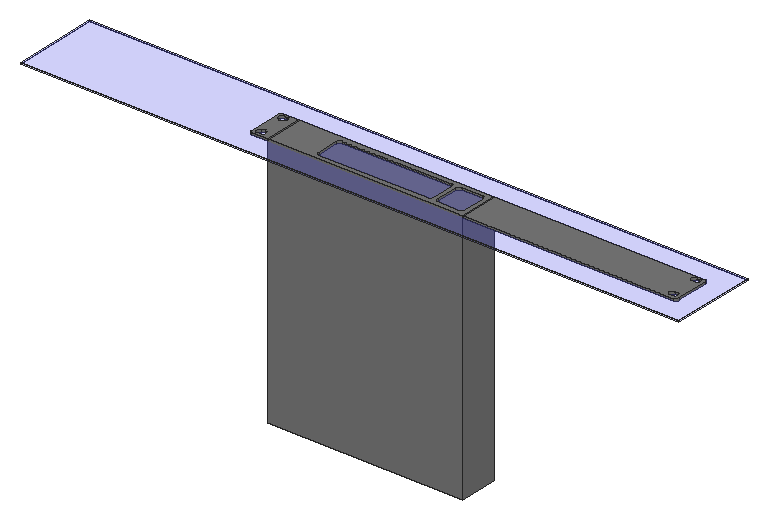
Revit family "QSC Core Nano_ Front Facing Rackmount", category Generic Models, host Face, Revit 2017
Family settings
  Host = Face
  Can host rebar = No
  Round Connector Dimension = Use Diameter
  Part Type = Normal
  Cut with Voids When Loaded = No
  Shared = No
  Room Calculation Point = No
Parameters (values of type "Core Nano")
  Width = 8.660"  # constant formula
  Weight Product (lb) = 4  # constant formula
  Weight Product (kg) = 1.81  # constant formula
  URL = ""
  Show Right Ear Short [instance] = no
  Show Right Ear Long [instance] = yes
  Show Left Ear Short [instance] = yes
  Show Left Ear Long [instance] = no
  Regulatory Compliance = "FCC Part 68 / TIA-968-B; ES203 021, CE, RoHS; PTC200; NOM-151-SCTI; JATE; UL & C-UL Listed; AC; PSTN01; Industry Canada CS-03; AS/ACIF S002 & RCM; ANATEL Resolution 473"  # constant formula
  Product Page URL = "https://www.qsc.com/systems/products/q-sys-ecosystem/products-peripherals-accessories/q-sys-cores/core-nano/?L="
  Product Documentation Link = "https://www.qsc.com/systems/products/q-sys-ecosystem/products-peripherals-accessories/q-sys-cores/core-nano/?L=#c221095"
  Power Active = 40
  Model = "Core Nano"  # constant formula
  Manufacturer URL = "http://www.qsc.com"
  Manufacturer = "QSC"  # constant formula
  Height = 1.720"  # constant formula
  Heat Load Active = 110
  Face Depth = 0.0788"
  Description = "Q-SYS Network I/O Processor"  # constant formula
  Depth = 11.280"  # constant formula
  Default Elevation = 0.000"
  Enclosure Material [instance] = Dark Gray Finish
Reference planes (in)
  plane 1 "Center (Front/Back)": y = 0
  plane 2: z = 0
  plane 3 "Center (Left/Right)": x = 0
  plane 4 "Left": x = -4.33
  plane 5 "Right": x = 4.33
  plane 6 "Top": y = 0.86
  plane 7 "Bottom": y = -0.86
  plane 8 "Back": z = -11.2012
  plane 9 "Right Extend Ear": x = 13.812
  plane 10 "Left Extend Ear": x = -13.812
  plane 11 "Left Short Ear": x = -5.1514
  plane 12 "Right Short Ear": x = 5.1514
  plane 13 "Front": z = 0.0788
Forms (in)
  Extrusion 1, solid, material "Glass"
    sketch origin (0, 0, 0) x (1, 0, 0) y (0, 1, 0)
      loop
        line (-14.5, 1.9685) -> (-14.5, -1.88975) -> (14.73031, -1.88975) -> (14.73031, 1.9685) -> (-14.5, 1.9685)
    from 0 to -0.079
  Extrusion 2, solid, material "Dark Gray Finish" <- "Enclosure Material"
    sketch origin (0, -0.86, 0) x (-1, 0, 0) y (0, 0, 1)
      loop
        line (4.33, 0.0788) -> (-4.33, 0.0788) -> (-4.33, -11.2012) -> (4.33, -11.2012) -> (4.33, 0.0788)
    from 0 to 1.72 <- "Height"
  Extrusion 3, void
    sketch origin (0, 0, -11.2012) x (-1, 0, 0) y (0, -1, 0)
      loop
        line (2.83394, -0.39444) -> (3.58289, -0.39444)
        arc (3.58289, -0.39444) -> (3.66576, -0.36012) -> (3.70008, -0.27725) r 0.11719
        line (3.70008, -0.27725) -> (3.70008, 0.04564)
        arc (3.70008, 0.04564) -> (3.69413, 0.07554) -> (3.6772, 0.10088) r 0.07813
        line (3.6772, 0.10088) -> (3.52611, 0.25197)
        arc (3.52611, 0.25197) -> (3.50077, 0.26891) -> (3.47087, 0.27485) r 0.07813
        line (3.47087, 0.27485) -> (2.94504, 0.27485)
        arc (2.94504, 0.27485) -> (2.91514, 0.26891) -> (2.88979, 0.25197) r 0.07813
        line (2.88979, 0.25197) -> (2.73871, 0.10088)
        arc (2.73871, 0.10088) -> (2.72177, 0.07554) -> (2.71583, 0.04564) r 0.07813
        line (2.71583, 0.04564) -> (2.71583, -0.27633)
        arc (2.71583, -0.27633) -> (2.75042, -0.35985) -> (2.83394, -0.39444) r 0.11811
      loop
        line (-0.46652, 0.30212) -> (0.01872, 0.30212) -> (0.01872, 0.6152) -> (-0.46652, 0.6152) -> (-0.46652, 0.30212)
      loop
        line (-0.46652, -0.04788) -> (0.01872, -0.04788) -> (0.01872, 0.2652) -> (-0.46652, 0.2652) -> (-0.46652, -0.04788)
      loop
        line (0.13348, 0.39587) -> (0.52497, 0.39587) -> (0.52497, 0.6152) -> (0.13348, 0.6152) -> (0.13348, 0.39587)
      loop
        line (0.63973, 0.20837) -> (1.03122, 0.20837) -> (1.03122, 0.6152) -> (0.63973, 0.6152) -> (0.63973, 0.20837)
      loop
        line (1.14598, 0.39587) -> (1.63122, 0.39587) -> (1.63122, 0.6152) -> (1.14598, 0.6152) -> (1.14598, 0.39587)
      loop
        line (1.74598, 0.39587) -> (2.23122, 0.39587) -> (2.23122, 0.6152) -> (1.74598, 0.6152) -> (1.74598, 0.39587)
      loop
        line (1.14598, -0.01351) -> (1.63122, -0.01351) -> (1.63122, 0.20582) -> (1.14598, 0.20582) -> (1.14598, -0.01351)
      loop
        line (1.74598, -0.01351) -> (2.23122, -0.01351) -> (2.23122, 0.20582) -> (1.74598, 0.20582) -> (1.74598, -0.01351)
      loop
        line (1.14598, -0.62601) -> (1.63122, -0.62601) -> (1.63122, -0.25043) -> (1.14598, -0.25043) -> (1.14598, -0.62601)
      loop
        line (1.74598, -0.62601) -> (2.23122, -0.62601) -> (2.23122, -0.25043) -> (1.74598, -0.25043) -> (1.74598, -0.62601)
    from 0 to 0.19685
  Extrusion 4, void
    sketch origin (-16.742, -179.90625, 0.0788) x (0, -1, 0) y (-1, 0, 0)
      loop
        line (-180.54692, -14.52475) -> (-180.54692, -19.33043)
        arc (-180.54692, -19.33043) -> (-180.50115, -19.44092) -> (-180.39067, -19.48668) r 0.15625
        line (-180.39067, -19.48668) -> (-179.40912, -19.48668)
        arc (-179.40912, -19.48668) -> (-179.29864, -19.44092) -> (-179.25287, -19.33043) r 0.15625
        line (-179.25287, -19.33043) -> (-179.25287, -14.52475)
        arc (-179.25287, -14.52475) -> (-179.29864, -14.41427) -> (-179.40912, -14.3685) r 0.15625
        line (-179.40912, -14.3685) -> (-180.39067, -14.3685)
        arc (-180.39067, -14.3685) -> (-180.50115, -14.41427) -> (-180.54692, -14.52475) r 0.15625
    from 0 to 0.079
  Extrusion 5, solid, material "Dark Gray Finish" <- "Enclosure Material", visible <- "Show Left Ear Short"
    sketch origin (0, 0, 0) x (1, 0, 0) y (0, 1, 0)
      loop
        arc (-5.02634, 0.86) -> (-5.11473, 0.82339) -> (-5.1514, 0.735) r 0.125
        line (-5.1514, 0.735) -> (-5.15134, -0.735)
        arc (-5.15134, -0.735) -> (-5.11473, -0.82339) -> (-5.02634, -0.86) r 0.125
        line (-5.02634, -0.86) -> (-4.33, -0.86) -> (-4.33, 0.86) -> (-5.02634, 0.86)
      loop
        line (-4.7537, 0.76059) -> (-4.8915, 0.76059)
        arc (-4.8915, 0.76059) -> (-5.0251, 0.63502) -> (-4.90803, 0.4939) r 0.13386
        arc (-4.90803, 0.4939) -> (-4.8226, 0.40843) -> (-4.73717, 0.4939) r 0.08543
        arc (-4.73717, 0.4939) -> (-4.6201, 0.63502) -> (-4.7537, 0.76059) r 0.13386
      loop
        arc (-4.7537, -0.74713) -> (-4.6201, -0.62155) -> (-4.73717, -0.48043) r 0.13386
        arc (-4.73717, -0.48043) -> (-4.8226, -0.39496) -> (-4.90803, -0.48043) r 0.08543
        arc (-4.90803, -0.48043) -> (-5.0251, -0.62155) -> (-4.8915, -0.74713) r 0.13386
        line (-4.8915, -0.74713) -> (-4.7537, -0.74713)
    from 0 to 0.0788 <- "Face Depth"
  Extrusion 6, solid, material "Dark Gray Finish" <- "Enclosure Material", visible <- "Show Right Ear Short"
    sketch origin (0, 0, 0) x (-1, 0, 0) y (0, -1, 0)
      loop
        line (-5.02634, -0.86) -> (-4.33, -0.86) -> (-4.33, 0.86) -> (-5.02634, 0.86)
        arc (-5.02634, 0.86) -> (-5.11473, 0.82339) -> (-5.15134, 0.735) r 0.125
        line (-5.15134, 0.735) -> (-5.1514, -0.735)
        arc (-5.1514, -0.735) -> (-5.11473, -0.82339) -> (-5.02634, -0.86) r 0.125
      loop
        arc (-4.7537, -0.76059) -> (-4.6201, -0.63502) -> (-4.73717, -0.4939) r 0.13386
        arc (-4.73717, -0.4939) -> (-4.8226, -0.40843) -> (-4.90803, -0.4939) r 0.08543
        arc (-4.90803, -0.4939) -> (-5.0251, -0.63502) -> (-4.8915, -0.76059) r 0.13386
        line (-4.8915, -0.76059) -> (-4.7537, -0.76059)
      loop
        line (-4.7537, 0.74713) -> (-4.8915, 0.74713)
        arc (-4.8915, 0.74713) -> (-5.0251, 0.62155) -> (-4.90803, 0.48043) r 0.13386
        arc (-4.90803, 0.48043) -> (-4.8226, 0.39496) -> (-4.73717, 0.48043) r 0.08543
        arc (-4.73717, 0.48043) -> (-4.6201, 0.62155) -> (-4.7537, 0.74713) r 0.13386
    from 0 to 0.0788 <- "Face Depth"
  Extrusion 7, solid, material "Dark Gray Finish" <- "Enclosure Material", visible <- "Show Right Ear Long"
    sketch origin (0, 0, 0) x (-1, 0, 0) y (0, -1, 0)
      loop
        arc (-13.55432, -0.49287) -> (-13.68818, -0.62673) -> (-13.55432, -0.76059) r 0.13386
        line (-13.55432, -0.76059) -> (-13.41653, -0.76059)
        arc (-13.41653, -0.76059) -> (-13.28267, -0.62673) -> (-13.41653, -0.49287) r 0.13386
        line (-13.41653, -0.49287) -> (-13.55432, -0.49287)
      loop
        arc (-13.55432, 0.74713) -> (-13.68818, 0.61327) -> (-13.55432, 0.47941) r 0.13386
        line (-13.55432, 0.47941) -> (-13.41653, 0.47941)
        arc (-13.41653, 0.47941) -> (-13.28267, 0.61327) -> (-13.41653, 0.74713) r 0.13386
        line (-13.41653, 0.74713) -> (-13.55432, 0.74713)
      loop
        line (-13.812, 0.735) -> (-13.812, -0.735)
        arc (-13.812, -0.735) -> (-13.77539, -0.82339) -> (-13.687, -0.86) r 0.125
        line (-13.687, -0.86) -> (-4.33, -0.86) -> (-4.33, 0.86) -> (-13.687, 0.86)
        arc (-13.687, 0.86) -> (-13.77539, 0.82339) -> (-13.812, 0.735) r 0.125
    from 0 to 0.0788 <- "Face Depth"
  Extrusion 8, solid, material "Dark Gray Finish" <- "Enclosure Material", visible <- "Show Left Ear Long"
    sketch origin (0, 0, 0) x (1, 0, 0) y (0, 1, 0)
      loop
        line (-13.55432, 0.49287) -> (-13.41653, 0.49287)
        arc (-13.41653, 0.49287) -> (-13.28267, 0.62673) -> (-13.41653, 0.76059) r 0.13386
        line (-13.41653, 0.76059) -> (-13.55432, 0.76059)
        arc (-13.55432, 0.76059) -> (-13.68818, 0.62673) -> (-13.55432, 0.49287) r 0.13386
      loop
        line (-13.55432, -0.74713) -> (-13.41653, -0.74713)
        arc (-13.41653, -0.74713) -> (-13.28267, -0.61327) -> (-13.41653, -0.47941) r 0.13386
        line (-13.41653, -0.47941) -> (-13.55432, -0.47941)
        arc (-13.55432, -0.47941) -> (-13.68818, -0.61327) -> (-13.55432, -0.74713) r 0.13386
      loop
        arc (-13.812, -0.735) -> (-13.77539, -0.82339) -> (-13.687, -0.86) r 0.125
        line (-13.687, -0.86) -> (-4.33, -0.86) -> (-4.33, 0.86) -> (-13.687, 0.86)
        arc (-13.687, 0.86) -> (-13.77539, 0.82339) -> (-13.812, 0.735) r 0.125
        line (-13.812, 0.735) -> (-13.812, -0.735)
    from 0 to 0.0788 <- "Face Depth"
  Extrusion 9, void
    sketch origin (-11.46075, -179.90625, 0.0788) x (0, -1, 0) y (-1, 0, 0)
      loop
        line (-180.54692, -14.52175) -> (-180.54692, -15.45349)
        arc (-180.54692, -15.45349) -> (-180.50115, -15.56398) -> (-180.39067, -15.60974) r 0.15625
        line (-180.39067, -15.60974) -> (-179.40912, -15.60974)
        arc (-179.40912, -15.60974) -> (-179.29864, -15.56398) -> (-179.25287, -15.45349) r 0.15625
        line (-179.25287, -15.45349) -> (-179.25287, -14.52175)
        arc (-179.25287, -14.52175) -> (-179.29864, -14.41127) -> (-179.40912, -14.3655) r 0.15625
        line (-179.40912, -14.3655) -> (-180.39067, -14.3655)
        arc (-180.39067, -14.3655) -> (-180.50115, -14.41127) -> (-180.54692, -14.52175) r 0.15625
    from 0 to 0.079
Cuts and joins
  Extrusion 3, Extrusion 4, Extrusion 9 cuts Extrusion 2
Lines and regions (in)
  model lines, style "GenericModel", detail levels fine
    curve 1: line (-3.29089, 0.35869, 0.0788) -> (-3.38738, 0.48582, 0.0788)
    curve 2: line (-3.38738, 0.48582, 0.0788) -> (-3.29089, 0.35869, 0.0788)
    curve 3: line (-3.7372, 0.37457, 0.0788) -> (-3.70075, 0.5057, 0.0788)
    curve 4: line (-3.70075, 0.5057, 0.0788) -> (-3.7372, 0.37457, 0.0788)
    curve 5: line (-3.67631, 0.28774, 0.0788) -> (-3.70352, 0.53041, 0.0788)
    curve 6: line (-3.70352, 0.53041, 0.0788) -> (-3.67631, 0.28774, 0.0788)
    curve 7: line (-3.16169, 0.45752, 0.0788) -> (-3.07565, 0.39431, 0.0788)
    curve 8: line (-3.07565, 0.39431, 0.0788) -> (-3.16169, 0.45752, 0.0788)
  model lines, style "GenericModel", not visible, detail levels fine
    curve 9: line (-3.35339, 0.42119, 0.0788) -> (-3.44988, 0.54832, 0.0788)
    curve 10: line (-3.44988, 0.54832, 0.0788) -> (-3.35339, 0.42119, 0.0788)
    curve 11: line (-3.7997, 0.43707, 0.0788) -> (-3.76325, 0.5682, 0.0788)
    curve 12: line (-3.76325, 0.5682, 0.0788) -> (-3.7997, 0.43707, 0.0788)
    curve 13: line (-3.73881, 0.35024, 0.0788) -> (-3.76602, 0.59291, 0.0788)
    curve 14: line (-3.76602, 0.59291, 0.0788) -> (-3.73881, 0.35024, 0.0788)
    curve 15: line (-3.22419, 0.52002, 0.0788) -> (-3.13815, 0.45681, 0.0788)
    curve 16: line (-3.13815, 0.45681, 0.0788) -> (-3.22419, 0.52002, 0.0788)
Dimensions and locks (in)
  equal spacing: plane 6 "Top", plane 1 "Center (Front/Back)", plane 7 "Bottom"
  "Height": plane 6 "Top" to plane 7 "Bottom"
  equal spacing: plane 4 "Left", plane 3 "Center (Left/Right)", plane 5 "Right"
  "Width": plane 4 "Left" to plane 5 "Right"
  plane 4 "Left" to plane 5 "Right" = 8.660"
  plane 5 "Right" to plane 9 "Right Extend Ear" = 9.482"
  plane 10 "Left Extend Ear" to plane 4 "Left" = 9.482"
  plane 11 "Left Short Ear" to plane 4 "Left" = 0.8214"
  plane 5 "Right" to plane 12 "Right Short Ear" = 0.8214"
  "Face Depth": plane 13 "Front" to plane 2
  "Depth": plane 13 "Front" to plane 8 "Back"
  aligned and locked: plane 2 to Extrusion 1
  aligned and locked: level to Extrusion 1
  aligned and locked: plane 4 "Left" to Extrusion 2 sketch curve
  aligned and locked: plane 8 "Back" to Extrusion 2 sketch curve
  aligned and locked: Extrusion 2 sketch curve to plane 5 "Right"
  aligned and locked: Extrusion 2 sketch curve to plane 13 "Front"
  aligned and locked: Extrusion 5 sketch curve to plane 6 "Top"
  aligned and locked: plane 11 "Left Short Ear" to Extrusion 5 sketch curve
  aligned and locked: cut or joined group of Extrusion 2, Extrusion 3, Extrusion 4, Extrusion 9 to Extrusion 5 sketch curve
  aligned and locked: Extrusion 5 sketch curve to cut or joined group of Extrusion 2, Extrusion 3, Extrusion 4, Extrusion 9
  aligned and locked: cut or joined group of Extrusion 2, Extrusion 3, Extrusion 4, Extrusion 9 to Extrusion 7 sketch curve
  aligned and locked: plane 9 "Right Extend Ear" to Extrusion 7 sketch curve
  aligned and locked: Extrusion 7 sketch curve to plane 7 "Bottom"
  aligned and locked: Extrusion 7 sketch curve to plane 6 "Top"
Automatic sketch dimensions
  curve 7 to curve 8 = 0.000"  (x4)
  curve 8 to curve 7 = 0.10677"
  curve 2 to curve 7 = 0.16267"
  curve 1 to curve 2 = 0.000"  (x5)
  curve 1 to curve 2 = 0.15959"
  curve 2 to curve 1 = 0.000"  (x3)
  curve 5 to curve 1 = 0.35031"
  curve 6 to curve 5 = 0.000"  (x4)
  curve 4 to curve 5 = 0.21933"
  curve 3 to curve 4 = 0.000"  (x4)
  curve 6 to curve 3 = 0.02487"
  curve 5 to curve 6 = 0.000"  (x4)
  curve 3 to curve 5 = 0.10605"
  curve 4 to curve 3 = 0.000"  (x2)
  curve 6 to curve 2 = 0.3919"
  curve 5 to curve 4 = 0.10605"
  curve 1 to curve 7 = 0.21817"
  curve 8 to curve 7 = 0.000"  (x4)
  curve 7 to curve 8 = 0.10677"
  curve 2 to curve 1 = 0.15959"
  curve 4 to curve 4 = 0.13611"
  curve 7 to curve 7 = 0.08604"
  curve 7 to curve 2 = 0.1292"
  curve 1 to curve 1 = 0.09649"
  curve 1 to curve 6 = 0.28894"
  curve 5 to curve 4 = 0.02444"
  curve 3 to curve 5 = 0.00277"
  curve 5 to curve 4 = 0.06089"
  curve 5 to curve 4 = 0.02471"
  curve 3 to curve 2 = 0.01989"
  curve 1 to curve 7 = 0.02829"
  curve 8 to curve 7 = 0.06321"
  curve 1 to curve 2 = 0.12712"
  curve 3 to curve 5 = 0.08683"
  curve 15 to curve 16 = 0.000"
  curve 15 to curve 15 = 0.08604"
  curve 16 to curve 15 = 0.000"  (x3)
  curve 15 to curve 10 = 0.1292"
  curve 9 to curve 10 = 0.000"  (x3)
  curve 9 to curve 9 = 0.09649"
  curve 10 to curve 9 = 0.000"
  curve 9 to curve 14 = 0.28894"
  curve 13 to curve 14 = 0.000"  (x2)
  curve 13 to curve 12 = 0.02444"
  curve 11 to curve 12 = 0.000"  (x2)
  curve 11 to curve 13 = 0.00277"
  curve 14 to curve 13 = 0.000"  (x2)
  curve 13 to curve 12 = 0.06089"
  curve 13 to curve 12 = 0.02471"
  curve 11 to curve 10 = 0.01989"
  curve 9 to curve 15 = 0.02829"
  curve 16 to curve 15 = 0.06321"
  curve 12 to curve 11 = 0.000"
  curve 9 to curve 10 = 0.12712"
  curve 11 to curve 13 = 0.08683"
  Extrusion 1 sketch curve to Extrusion 1 sketch curve = 29.23031"
  Extrusion 1 sketch curve to Extrusion 1 sketch curve = 3.85825"
  Extrusion 4 sketch curve to plane 6 "Top" = 0.21933"
  Extrusion 4 sketch curve to Extrusion 4 sketch curve = 0.15625"  (x3)
  plane 7 "Bottom" to Extrusion 4 sketch curve = 0.36287"  (x2)
  plane 4 "Left" to Extrusion 4 sketch curve = 1.9565"
  Extrusion 4 sketch curve to plane 5 "Right" = 1.74157"
  plane 11 "Left Short Ear" to Extrusion 5 sketch curve = 0.12506"  (x2)
  Extrusion 5 sketch curve to Extrusion 5 sketch curve = 0.13484"  (x2)
  Extrusion 5 sketch curve to Extrusion 5 sketch curve = 0.0689"  (x2)
  Extrusion 5 sketch curve to Extrusion 5 sketch curve = 0.1378"  (x2)
  plane 7 "Bottom" to Extrusion 5 sketch curve = 0.11287"
  plane 7 "Bottom" to Extrusion 5 sketch curve = 0.125"
  Extrusion 5 sketch curve to Extrusion 5 sketch curve = 0.13386"  (x2)
  Extrusion 5 sketch curve to Extrusion 5 sketch curve = 0.13287"  (x2)
  Extrusion 5 sketch curve to plane 6 "Top" = 0.36614"
  Extrusion 5 sketch curve to Extrusion 5 sketch curve = 0.000"  (x3)
  Extrusion 5 sketch curve to Extrusion 5 sketch curve = 0.125"
  Extrusion 5 sketch curve to plane 6 "Top" = 0.09941"
  Extrusion 5 sketch curve to Extrusion 5 sketch curve = 0.08543"  (x2)
  Extrusion 6 sketch curve to plane 12 "Right Short Ear" = 0.000"
  Extrusion 6 sketch curve to plane 7 "Bottom" = 0.000"
  Extrusion 6 sketch curve to plane 6 "Top" = 0.000"
  Extrusion 6 sketch curve to plane 5 "Right" = 0.000"
  plane 12 "Right Short Ear" to Extrusion 6 sketch curve = 0.12506"  (x2)
  Extrusion 6 sketch curve to Extrusion 6 sketch curve = 0.13484"  (x2)
  Extrusion 6 sketch curve to Extrusion 6 sketch curve = 0.0689"  (x2)
  Extrusion 6 sketch curve to Extrusion 6 sketch curve = 0.1378"  (x2)
  Extrusion 6 sketch curve to plane 7 "Bottom" = 0.11287"
  Extrusion 6 sketch curve to Extrusion 6 sketch curve = 0.125"
  Extrusion 6 sketch curve to Extrusion 6 sketch curve = 0.13386"  (x2)
  Extrusion 6 sketch curve to Extrusion 6 sketch curve = 0.13287"  (x2)
  plane 6 "Top" to Extrusion 6 sketch curve = 0.36614"
  Extrusion 6 sketch curve to Extrusion 6 sketch curve = 0.000"  (x3)
  plane 6 "Top" to Extrusion 6 sketch curve = 0.125"
  plane 6 "Top" to Extrusion 6 sketch curve = 0.09941"
  Extrusion 6 sketch curve to Extrusion 6 sketch curve = 0.08543"  (x2)
  plane 9 "Right Extend Ear" to Extrusion 7 sketch curve = 0.125"
  Extrusion 7 sketch curve to Extrusion 7 sketch curve = 0.125"
  Extrusion 7 sketch curve to Extrusion 7 sketch curve = 0.13268"  (x2)
  Extrusion 7 sketch curve to Extrusion 7 sketch curve = 0.1378"  (x2)
  Extrusion 7 sketch curve to plane 7 "Bottom" = 0.11287"
  Extrusion 7 sketch curve to Extrusion 7 sketch curve = 0.13386"  (x2)
  Extrusion 7 sketch curve to Extrusion 7 sketch curve = 0.24213"
  Extrusion 8 sketch curve to plane 10 "Left Extend Ear" = 0.000"
  Extrusion 8 sketch curve to plane 6 "Top" = 0.000"
  Extrusion 8 sketch curve to plane 7 "Bottom" = 0.000"
  Extrusion 8 sketch curve to plane 4 "Left" = 0.000"
  plane 10 "Left Extend Ear" to Extrusion 8 sketch curve = 0.125"
  Extrusion 8 sketch curve to Extrusion 8 sketch curve = 0.125"
  Extrusion 8 sketch curve to Extrusion 8 sketch curve = 0.13268"  (x2)
  Extrusion 8 sketch curve to Extrusion 8 sketch curve = 0.1378"  (x2)
  plane 7 "Bottom" to Extrusion 8 sketch curve = 0.11287"
  Extrusion 8 sketch curve to Extrusion 8 sketch curve = 0.13386"  (x2)
  Extrusion 8 sketch curve to Extrusion 8 sketch curve = 0.24213"
  Extrusion 9 sketch curve to plane 6 "Top" = 0.21933"
  Extrusion 9 sketch curve to Extrusion 9 sketch curve = 0.15625"  (x3)
  plane 7 "Bottom" to Extrusion 9 sketch curve = 0.36287"  (x2)
  Extrusion 9 sketch curve to plane 5 "Right" = 1.42525"
  Extrusion 9 sketch curve to plane 12 "Right Short Ear" = 1.15866"
  Extrusion 3 sketch curve to plane 1 "Center (Front/Back)" = 0.04788"
  Extrusion 3 sketch curve to Extrusion 3 sketch curve = 0.000"  (x11)
  Extrusion 3 sketch curve to plane 3 "Center (Left/Right)" = 0.01872"  (x2)
  Extrusion 3 sketch curve to plane 3 "Center (Left/Right)" = 0.13348"
  Extrusion 3 sketch curve to Extrusion 3 sketch curve = 0.39149"  (x2)
  Extrusion 3 sketch curve to Extrusion 3 sketch curve = 0.11476"  (x4)
  Extrusion 3 sketch curve to plane 1 "Center (Front/Back)" = 0.25043"  (x2)
  Extrusion 3 sketch curve to Extrusion 3 sketch curve = 0.48524"  (x2)
  plane 1 "Center (Front/Back)" to Extrusion 3 sketch curve = 0.04564"  (x2)
  Extrusion 3 sketch curve to Extrusion 3 sketch curve = 0.48461"
  plane 1 "Center (Front/Back)" to Extrusion 3 sketch curve = 0.10088"  (x2)
  Extrusion 3 sketch curve to Extrusion 3 sketch curve = 0.02288"
  Extrusion 3 sketch curve to Extrusion 3 sketch curve = 0.11811"
  plane 1 "Center (Front/Back)" to Extrusion 3 sketch curve = 0.25197"  (x2)
  Extrusion 3 sketch curve to Extrusion 3 sketch curve = 0.15109"  (x2)
  Extrusion 3 sketch curve to Extrusion 3 sketch curve = 0.05524"  (x3)
  plane 1 "Center (Front/Back)" to Extrusion 3 sketch curve = 0.19673"
  Extrusion 3 sketch curve to Extrusion 3 sketch curve = 0.52583"
  Extrusion 3 sketch curve to Extrusion 3 sketch curve = 0.11202"
  Extrusion 3 sketch curve to plane 1 "Center (Front/Back)" = 0.39444"
  Extrusion 3 sketch curve to plane 1 "Center (Front/Back)" = 0.62601"  (x2)
  Extrusion 3 sketch curve to Extrusion 3 sketch curve = 0.23692"  (x2)
  Extrusion 3 sketch curve to Extrusion 3 sketch curve = 0.22188"
  plane 1 "Center (Front/Back)" to Extrusion 3 sketch curve = 0.2652"
  Extrusion 3 sketch curve to Extrusion 3 sketch curve = 0.03692"
  Extrusion 3 sketch curve to Extrusion 3 sketch curve = 0.21933"  (x2)
  Extrusion 3 sketch curve to Extrusion 3 sketch curve = 0.00254"
  Extrusion 3 sketch curve to Extrusion 3 sketch curve = 0.19004"  (x2)
  Extrusion 3 sketch curve to Extrusion 3 sketch curve = 0.09375"
  plane 7 "Bottom" to Extrusion 3 sketch curve = 0.2448"
  plane 3 "Center (Left/Right)" to Extrusion 3 sketch curve = 0.46652"
Connectors (in)
  electrical at (-3.20803, -0.00035, -11.00435)
    settings: on cut or joined group of Extrusion 2, Extrusion 3, Extrusion 4, Extrusion 9, index 1, voltage 120 V, apparent load 0 VA, apparent load phase1 1.2 VA, apparent load phase2 0 VA, apparent load phase3 0 VA, power factor 1, load classification "Other", number of poles 1, system type 31, power factor state 1, is connector primary no, connector utility no, sub classification motor no, connector description "120VAC"
  electrical at (0.2239, -0.10866, -11.00435)
    settings: on cut or joined group of Extrusion 2, Extrusion 3, Extrusion 4, Extrusion 9, index 6, voltage 0 V, apparent load 0 VA, apparent load phase1 0 VA, apparent load phase2 0 VA, apparent load phase3 0 VA, power factor 1, load classification "Other", number of poles 1, system type 14, power factor state 1, is connector primary no, connector utility no, sub classification motor no, connector description "RS232 A"
  electrical at (0.2239, -0.45866, -11.00435)
    settings: on cut or joined group of Extrusion 2, Extrusion 3, Extrusion 4, Extrusion 9, index 7, voltage 0 V, apparent load 0 VA, apparent load phase1 0 VA, apparent load phase2 0 VA, apparent load phase3 0 VA, power factor 1, load classification "Other", number of poles 1, system type 14, power factor state 1, is connector primary no, connector utility no, sub classification motor no, connector description "RS232 B"
  electrical at (-0.32922, -0.50553, -11.00435)
    settings: on cut or joined group of Extrusion 2, Extrusion 3, Extrusion 4, Extrusion 9, index 8, voltage 0 V, apparent load 0 VA, apparent load phase1 0 VA, apparent load phase2 0 VA, apparent load phase3 0 VA, power factor 1, load classification "Other", number of poles 1, system type 14, power factor state 1, is connector primary no, connector utility no, sub classification motor no, connector description "USB C"
  electrical at (-0.83547, -0.41178, -11.00435)
    settings: on cut or joined group of Extrusion 2, Extrusion 3, Extrusion 4, Extrusion 9, index 9, voltage 0 V, apparent load 0 VA, apparent load phase1 0 VA, apparent load phase2 0 VA, apparent load phase3 0 VA, power factor 1, load classification "Other", number of poles 1, system type 14, power factor state 1, is connector primary no, connector utility no, sub classification motor no, connector description "USB B"
  electrical at (-1.3886, -0.50553, -11.00435)
    settings: on cut or joined group of Extrusion 2, Extrusion 3, Extrusion 4, Extrusion 9, index 10, voltage 0 V, apparent load 0 VA, apparent load phase1 0 VA, apparent load phase2 0 VA, apparent load phase3 0 VA, power factor 1, load classification "Other", number of poles 1, system type 14, power factor state 1, is connector primary no, connector utility no, sub classification motor no, connector description "USB A"
  electrical at (-1.3886, -0.09616, -11.00435)
    settings: on cut or joined group of Extrusion 2, Extrusion 3, Extrusion 4, Extrusion 9, index 11, voltage 0 V, apparent load 0 VA, apparent load phase1 0 VA, apparent load phase2 0 VA, apparent load phase3 0 VA, power factor 1, load classification "Other", number of poles 1, system type 14, power factor state 1, is connector primary no, connector utility no, sub classification motor no, connector description "USB A"
  electrical at (-1.9886, -0.09616, -11.00435)
    settings: on cut or joined group of Extrusion 2, Extrusion 3, Extrusion 4, Extrusion 9, index 12, voltage 0 V, apparent load 0 VA, apparent load phase1 0 VA, apparent load phase2 0 VA, apparent load phase3 0 VA, power factor 1, load classification "Other", number of poles 1, system type 14, power factor state 1, is connector primary no, connector utility no, sub classification motor no, connector description "USB A"
  electrical at (-1.9886, -0.50553, -11.00435)
    settings: on cut or joined group of Extrusion 2, Extrusion 3, Extrusion 4, Extrusion 9, index 13, voltage 0 V, apparent load 0 VA, apparent load phase1 0 VA, apparent load phase2 0 VA, apparent load phase3 0 VA, power factor 1, load classification "Other", number of poles 1, system type 14, power factor state 1, is connector primary no, connector utility no, sub classification motor no, connector description "USB A"
  electrical at (-1.9886, 0.43822, -11.00435)
    settings: on cut or joined group of Extrusion 2, Extrusion 3, Extrusion 4, Extrusion 9, index 14, voltage 0 V, apparent load 0 VA, apparent load phase1 0 VA, apparent load phase2 0 VA, apparent load phase3 0 VA, power factor 1, load classification "Other", number of poles 1, system type 14, power factor state 1, is connector primary no, connector utility no, sub classification motor no, connector description "LAN B"
  electrical at (-1.3886, 0.43822, -11.00435)
    settings: on cut or joined group of Extrusion 2, Extrusion 3, Extrusion 4, Extrusion 9, index 15, voltage 0 V, apparent load 0 VA, apparent load phase1 0 VA, apparent load phase2 0 VA, apparent load phase3 0 VA, power factor 1, load classification "Other", number of poles 1, system type 14, power factor state 1, is connector primary no, connector utility no, sub classification motor no, connector description "LAN A"
  electrical at (-3.20803, -0.00035, -11.00435)
    settings: on cut or joined group of Extrusion 2, Extrusion 3, Extrusion 4, Extrusion 9, index 16, voltage 0 V, apparent load 0 VA, apparent load phase1 0 VA, apparent load phase2 0 VA, apparent load phase3 0 VA, power factor 1, load classification "Other", number of poles 1, system type 31, power factor state 1, is connector primary yes, connector utility no, sub classification motor no, connector description "100-240 VAC"
